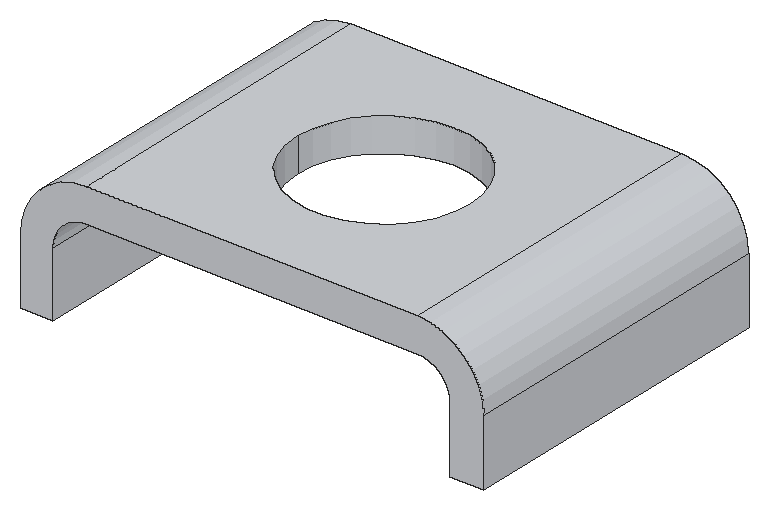
Revit family "Profilhalter", category HLS-Bauteile, Revit 2017
Family settings
  Bemaßung runder Anschluss = Durchmesser verwenden
  Teiletyp = Normal
  Arbeitsebenenbasiert = Ja
  Immer vertikal = Nein
  Beim Laden mit Abzugskörper schneiden = Nein
  Gemeinsam genutzt = Ja
  Raumberechnungspunkt = Nein
Parameters (values of type "Profilhalter 27")
  vpe = "100 St"
  max. zul. Last = 0.00 kN
  Default Elevation = 1219.2 mm
  Stärke Material = 2 mm
  Regelhalter [instance] = ""
  Profiltyp = "27"
  Oberflaeche = "galvanisch verzinkt"
  Mengeneinheit = "St"
  Materialname = "S235"
  Material = "Stahl"
  Länge Innen = ""
  Länge = 32 mm
  Lochdurchmesser = "10.5 mm"
  Lochabstand = ""
  Langloch = ""
  L = 28 mm
  Kurztext2 = "Bohrung 10.5 mm für Gewinde M10"
  Kurztext1 = "Profilhalter C-Profil 27"
  Höhe = "8 mm"
  H = 8 mm
  Gewicht pro Bauteil = Gewicht  # 0.0129 kg
  Gewicht = 0.0129 kg
  Firma = "MEFA Befestigungs- und Montagesysteme GmbH"
  Fabrikat = "MEFA"
  D = 10.5 mm
  Breite Material = ""
  Artikelnummer = "0809504"
  Anschlusslochung = ""
Reference planes
  plane 1 "Mitte (Vorne/hinten)": y = 0
  plane 2: z = 0
  plane 3 "Mitte (Links/rechts)": x = 0
  plane 4: x = 14
  plane 5: x = -14
  plane 6: z = 8
Forms (mm)
  Extrusion 1, solid
    sketch origin (0, 0, 0) x (1, 0, 0) y (0, 0, 1)
      loop
        line (14, 0) -> (14, 4)
        arc (14, 4) -> (12.828, 6.828) -> (10, 8) r 4
        line (10, 8) -> (-10, 8)
        arc (-10, 8) -> (-12.828, 6.828) -> (-14, 4) r 4
        line (-14, 4) -> (-14, 0) -> (-12.035, 0) -> (-12.035, 3.956)
        arc (-12.035, 3.956) -> (-11.449, 5.37) -> (-10.035, 5.956) r 2
        line (-10.035, 5.956) -> (9.985, 5.956)
        arc (9.985, 5.956) -> (11.399, 5.37) -> (11.985, 3.956) r 2
        line (11.985, 3.956) -> (11.985, 0) -> (14, 0)
    from -10 to 10
  Extrusion 2, void
    sketch origin (0, 0, 0) x (1, 0, 0) y (0, 1, 0)
      loop
        circle (0, 0) r 5.25
    from -10 to 15
Cuts and joins
  Extrusion 2 cuts Extrusion 1
Lines and regions (mm)
  model lines, not visible
    curve 1: line (0, 0, 28.51) -> (0, 0, -29.868)
    curve 2: line (18.609, 0, 8) -> (-21.391, 0, 8)
    curve 3: line (0, 15.069, 8) -> (0, -13.74, 8)
Dimensions and locks
  "L": plane 5 to plane 4
  equal spacing: plane 5, plane 3 "Mitte (Links/rechts)", plane 4
  "H": level to plane 6
  "D": diameter of Extrusion 2 sketch curve
  aligned and locked: level to plane 2
  aligned and locked: plane 4 to Extrusion 1 sketch curve
  aligned and locked: plane 5 to Extrusion 1 sketch curve
  aligned and locked: Extrusion 1 sketch curve to plane 6
  aligned and locked: curve 2 to plane 6
  aligned and locked: plane 3 "Mitte (Links/rechts)" to curve 1
  aligned and locked: curve 3 to plane 6
Automatic sketch dimensions
  Extrusion 1 sketch curve to level = 0 mm  (x2)
  Extrusion 1 sketch curve to Extrusion 1 sketch curve = 1.965 mm
  Extrusion 1 sketch curve to plane 6 = 2.044 mm
  Extrusion 1 sketch curve to Extrusion 1 sketch curve = 2 mm
  Extrusion 1 sketch curve to Extrusion 1 sketch curve = 0.035 mm
  plane 4 to Extrusion 1 sketch curve = 4.015 mm
  Extrusion 1 sketch curve to Extrusion 1 sketch curve = 0.015 mm
  Extrusion 1 sketch curve to Extrusion 1 sketch curve = 2.015 mm
  curve 1 to level = 29.868 mm
  curve 2 to plane 5 = 7.391 mm
  curve 2 to plane 4 = 4.609 mm
  curve 2 to curve 1 = 20.51 mm
  plane 1 "Mitte (Vorne/hinten)" to curve 3 = 13.74 mm
  curve 3 to plane 1 "Mitte (Vorne/hinten)" = 15.069 mm
  plane 1 "Mitte (Vorne/hinten)" to Extrusion 2 sketch curve = 0 mm
  Extrusion 2 sketch curve to plane 3 "Mitte (Links/rechts)" = 0 mm
